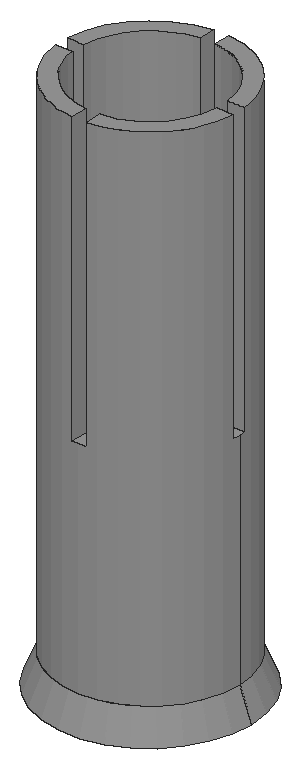
Revit family "Einschlaganker ES M 8x30 A4", category Generic Models, Revit 2017
Family settings
  Can host rebar = No
  Round Connector Dimension = Use Diameter
  Part Type = Normal
  Work Plane-Based = No
  Always vertical = Yes
  Cut with Voids When Loaded = No
  Shared = No
  Room Calculation Point = No
Parameters (values of type "ES M 8x30 A4")
  URL = "http://www.obo-bettermann.com"
  Material = Stainless steel, material A4
  Manufacturer Art.No. = "3492003"
  Manufacturer = "OBO BETTERMANN"
  GTIN = "4012196709557"
  Article Type = "ES M 8x30 A4"
Types (3, lengths in mm): name | Material | Manufacturer Art.No. | GTIN | Article Type
  (no name) | Stainless steel, material A4 | "3492003" | "4012196709557" | "ES M 8x30 A4"
  ES M 8x30 A4 | Stainless steel, material A4 | "3492003" | "4012196709557" | "ES M 8x30 A4"
  ES M 8x30 | Electrogalvanised | "3492023" | "4012196395934" | "ES M 8x30"
Reference planes
  plane 1 "Center (Front/Back)": y = 0
  plane 2: z = 0
  plane 3 "Center (Left/Right)": x = 0
  plane 4: z = 30
  plane 5: z = 1.7
  plane 6: x = 5.6
  plane 7: x = -5.6
  plane 8: z = 14
  plane 9: z = 14
  plane 10: through (0, 0, 1200) normal (-0.7071, -0.7071, 0)
  plane 11: z = 14
  plane 12: z = 14
Forms (mm)
  Extrusion 1, solid, material "Stainless steel, material A4" <- "Material"
    sketch origin (0, 0, 0) x (1, 0, 0) y (0, 1, 0)
      loop
        circle (0, 0) r 4.9
      loop
        circle (0, 0) r 3.981
    from 1.7 to 30
  Revolve 2, solid, material "Stainless steel, material A4" <- "Material"
    sketch origin (0, 0, 0) x (1, 0, 0) y (0, 0, 1)
      loop
        line (4.9, 1.7) -> (3.981, 1.7) -> (3.981, 0) -> (5.6, 0) -> (4.9, 1.7)
      axis (0, 1.7) -> (0, 0)
    angle from 0 to 360
  Extrusion 3, void
    sketch origin (0, 0, 0) x (1, 0, 0) y (0, 0, 1)
      loop
        line (-0.4, 30) -> (-0.4, 14) -> (0.4, 14) -> (0.4, 30) -> (-0.4, 30)
    from 3.779 to 5.752
  Extrusion 4, void
    sketch origin (0, 0, 0) x (1, 0, 0) y (0, 0, -1)
      loop
        line (-0.4, -30) -> (0.4, -30) -> (0.4, -14) -> (-0.4, -14) -> (-0.4, -30)
    from 3.779 to 5.752
  Extrusion 5, void
    sketch origin (0, 0, 0) x (0, -1, 0) y (0, 0, 1)
      loop
        line (-0.4, 30) -> (-0.4, 14) -> (0.4, 14) -> (0.4, 30) -> (-0.4, 30)
    from 3.779 to 5.752
  Extrusion 6, void
    sketch origin (0, 0, 0) x (0, -1, 0) y (0, 0, -1)
      loop
        line (-0.4, -30) -> (0.4, -30) -> (0.4, -14) -> (-0.4, -14) -> (-0.4, -30)
    from 3.779 to 5.752
Cuts and joins
  Extrusion 3, Extrusion 4, Extrusion 5, Extrusion 6 cuts Extrusion 1
Dimensions and locks
  locked: plane 3 "Center (Left/Right)" to Extrusion 1 sketch curve at 3.981
  locked: plane 3 "Center (Left/Right)" to Extrusion 1 sketch curve  (x2)
  locked: plane 3 "Center (Left/Right)" to Extrusion 1 sketch curve at 4.9
  locked: plane 5 to level at 1.7
  locked: plane 4 to level at 30
  locked: Extrusion 3 sketch curve to Extrusion 3 sketch curve at 0.8  (x2)
  locked: plane 3 "Center (Left/Right)" to Extrusion 3 sketch curve at 0.4
  locked: Extrusion 1 to plane 8 at 16
  locked: Extrusion 4 sketch curve to Extrusion 4 sketch curve at 0.8  (x2)
  locked: Extrusion 5 sketch curve to Extrusion 5 sketch curve at 0.8  (x2)
  locked: Extrusion 6 sketch curve to Extrusion 6 sketch curve at 0.8  (x2)
  aligned and locked: level to plane 2
  aligned and locked: plane 4 to Extrusion 1
  aligned and locked: Extrusion 1 to plane 5
  aligned and locked: Revolve 2 sketch curve to plane 3 "Center (Left/Right)"
  aligned and locked: Revolve 2 sketch curve to plane 5
  aligned and locked: level to Revolve 2 sketch curve
  aligned and locked: Extrusion 1 to Extrusion 3
